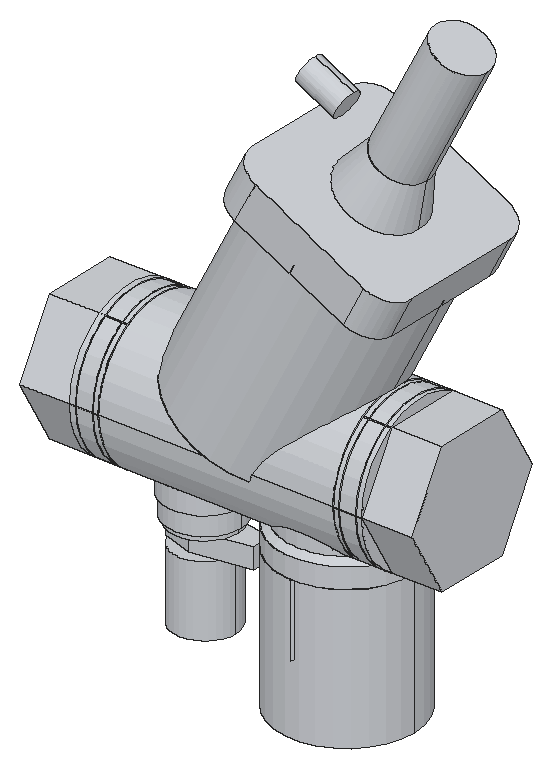
Revit family "PV_Compact_DN040_ 20-80_FF_měř-vyp_RFA_2018", category Pipe Accessories, Revit 2018
Family settings
  Round Connector Dimension = Use Diameter
  Part Type = Valve - Breaks Into
  Work Plane-Based = No
  Always vertical = Yes
  Cut with Voids When Loaded = No
  Shared = No
Parameters (values of type "PV Compact DN40 FF s měřením a vypouštěním (20-80kPa)")
  magiProductId = "edae53f0ee9843aa9c005a0dbc2db4"
  magiProductFamilyId = "88c57951ecb64b5d83dd1d4eb8fc72"
  magiPartTypeId = 304
  isMeasuringValve [instance] = no
  ang2D [instance] = 0.00°
  Z7 = 15 mm
  Z6 = 46.8 mm
  Z5 = 109.2 mm
  Z4 = 93.6 mm
  Z3 = 15.6 mm
  Z2 = 78 mm
  XR3 = 42.5 mm
  XR2 = 37.5 mm
  XR1 = 25.5 mm
  W2D = 15 mm
  VersionID = "2.0/2018.12.13.2/FRESE_PV_COMPACT_PLUG_Q13_001"
  Use Minimum Symbol Size [instance] = no
  URL = "www.hydronic.cz"
  Type Comments = "závitový s vnitřním závitem; s měřicí vsuvkou a vypouštěním; PN25; dpmax=450kPa; -10~+120°C"
  R5 = 5 mm
  R4 = 15 mm
  R3 = 10 mm
  R2 = 26.5 mm
  R1 = 31.5 mm
  QmdConnectorList = "301;D;302;D"
  Productdata [instance] = ""
  PH__ve = -PH  # -25.2 mm
  PH = 25.2 mm
  NL__ve = -NL  # -27.6 mm
  NL = 27.6 mm
  Manufacturer = "Hydronic Systems Prague s.r.o."
  MC Use Limits From Balancing Method = no
  MC Throttling Minimum Value = 0
  MC Throttling Maximum Value = 0
  MC Product Code = "53-3249 DN40; FF; nastavitelný rozsah dp=20~80kPa; Q=3000~8000l/h;  kvs=15,8"
  MC Pressure Drop Minimum Value = 0.0 Pa
  MC Pressure Drop Maximum Value = 0.0 Pa
  MC Piping Given Pressure Drop [instance] = 0.0 Pa
  M5 = 51.4 mm
  M4 = 49.4 mm
  M3 = 43.4 mm
  M2 = 41.4 mm
  LP = 69 mm
  LM = 82.8 mm
  LL__ve = -LL  # -7.1 mm
  LLT__ve = -LLT  # -24.7 mm
  LLT = 24.7 mm
  LL2 = 46 mm
  LL = 7.1 mm
  L3 = 25 mm
  L2D_Min = 30.48 mm
  L2D = 65 mm
  Description = "Nastavitelný regulátor tlakové diference"
  DR1 = yes
  DR0 = no
  DL2 = 80 mm
  D = 40 mm
  CenSd_R2_6 = R2 * cos(30.00°)  # 22.95 mm
  CAT0 = yes
  C0D1 = yes
  C0D0 = no
Types (10, lengths in mm): name | magiProductId | Z6 | Z5 | Z4 | Z3 | Z2 | XR3 | XR2 | XR1 | R2 | R1 | PH__ve | PH | NL__ve | NL | MC Product Code | M5 | M4 | M3 | M2 | LP | LM | LL__ve | LLT__ve | LLT | LL2 | LL | L3 | DL2 | D | CenSd_R2_6
  PV Compact DN15 FF s měřením a vypouštěním (20-60kPa) | "ebd4dd38c61a47e78db1b31e427098" | 24.6 | 57.4 | 49.2 | 8.2 | 41 | 30 | 25 | 13 | 14 | 19 | -22.4 | 22.4 | -15 | 15 | "53-3243 DN15; FF; nastavitelný rozsah dp=20~60kPa; Q=100~1000l/h;  kvs=2,9" | 32.5 | 30.5 | 24.5 | 22.5 | 37.5 | 45 | -5.7 | -14.9 | 14.9 | 32 | 5.7 | 11 | 66 | 15 | 12.124
  PV Compact DN15 FF s měřením a vypouštěním ( 5-30kPa) | "1e13aaf8f1b54965adca1ab26bd771" | 24.6 | 57.4 | 49.2 | 8.2 | 41 | 30 | 25 | 13 | 14 | 19 | -22.4 | 22.4 | -15 | 15 | "53-3242 DN15; FF; nastavitelný rozsah dp=5~30kPa; Q=50~600l/h;  kvs=2,9" | 32.5 | 30.5 | 24.5 | 22.5 | 37.5 | 45 | -5.7 | -14.9 | 14.9 | 32 | 5.7 | 11 | 66 | 15 | 12.124
  PV Compact DN20 FF s měřením a vypouštěním (20-60kPa) | "6d4e29c475624129ae1d8630218e83" | 24.6 | 57.4 | 49.2 | 8.2 | 41 | 30 | 25 | 13 | 14 | 19 | -22.4 | 22.4 | -15.8 | 15.8 | "53-3245 DN20; FF; nastavitelný rozsah dp=20~60kPa; Q=150~2000l/h;  kvs=3,5" | 33.7 | 31.7 | 25.7 | 23.7 | 39.5 | 47.4 | -5.7 | -14.9 | 14.9 | 32 | 5.7 | 11 | 66 | 20 | 12.124
  PV Compact DN20 FF s měřením a vypouštěním ( 5-30kPa) | "3c7d936801344d2a9486b3d5f20c15" | 24.6 | 57.4 | 49.2 | 8.2 | 41 | 30 | 25 | 13 | 14 | 19 | -22.4 | 22.4 | -15.8 | 15.8 | "53-3244 DN20; FF; nastavitelný rozsah dp=5~30kPa; Q=100~1000l/h;  kvs=3,5" | 33.7 | 31.7 | 25.7 | 23.7 | 39.5 | 47.4 | -5.7 | -14.9 | 14.9 | 32 | 5.7 | 11 | 66 | 20 | 12.124
  PV Compact DN25 FF s měřením a vypouštěním ( 5-30kPa) | "40b783a088714ff8af367f7ba18a04" | 25.5 | 59.5 | 51 | 8.5 | 42.5 | 30 | 25 | 13 | 14 | 19 | -22.8 | 22.8 | -16.6 | 16.6 | "53-3251 DN25; FF; nastavitelný rozsah dp=5~30kPa; Q=600~2100l/h;  kvs=4,0" | 34.9 | 32.9 | 26.9 | 24.9 | 41.5 | 49.8 | -5.9 | -16.3 | 16.3 | 34 | 5.9 | 11 | 68 | 25 | 12.124
  PV Compact DN25L FF s měřením a vypouštěním (20-80kPa) | "7052257d0cc94620b8f60c4ac85ccd" | 40.2 | 93.8 | 80.4 | 13.4 | 67 | 42.5 | 37.5 | 25.5 | 26.5 | 31.5 | -23.6 | 23.6 | -20 | 20 | "53-3247 DN25; FF; nastavitelný rozsah dp=20~80kPa; Q=750~4200l/h;  kvs=8,7" | 40 | 38 | 32 | 30 | 50 | 60 | -6.3 | -19.1 | 19.1 | 38 | 6.3 | 11 | 72 | 25 | 22.95
  PV Compact DN25L FF s měřením a vypouštěním ( 5-30kPa) | "006ff7ff77e34fd39e52f3f4c37192" | 40.2 | 93.8 | 80.4 | 13.4 | 67 | 42.5 | 37.5 | 25.5 | 26.5 | 31.5 | -23.6 | 23.6 | -20 | 20 | "53-3246 DN25L; FF; nastavitelný rozsah dp=5~30kPa; Q=600~2500l/h;  kvs=8,7" | 40 | 38 | 32 | 30 | 50 | 60 | -6.3 | -19.1 | 19.1 | 38 | 6.3 | 11 | 72 | 25 | 22.95
  PV Compact DN32 FF s měřením a vypouštěním (20-80kPa) | "e53839f5e58040c69ad69dcf8b7122" | 40.2 | 93.8 | 80.4 | 13.4 | 67 | 42.5 | 37.5 | 25.5 | 26.5 | 31.5 | -24.6 | 24.6 | -20.8 | 20.8 | "53-3248 DN32; FF; nastavitelný rozsah dp=20~80kPa; Q=1000~5000l/h;  kvs=10,1" | 41.2 | 39.2 | 33.2 | 31.2 | 52 | 62.4 | -6.8 | -22.6 | 22.6 | 43 | 6.8 | 25 | 77 | 32 | 22.95
  PV Compact DN40 FF s měřením a vypouštěním (20-80kPa) | "edae53f0ee9843aa9c005a0dbc2db4" | 46.8 | 109.2 | 93.6 | 15.6 | 78 | 42.5 | 37.5 | 25.5 | 26.5 | 31.5 | -25.2 | 25.2 | -27.6 | 27.6 | "53-3249 DN40; FF; nastavitelný rozsah dp=20~80kPa; Q=3000~8000l/h;  kvs=15,8" | 51.4 | 49.4 | 43.4 | 41.4 | 69 | 82.8 | -7.1 | -24.7 | 24.7 | 46 | 7.1 | 25 | 80 | 40 | 22.95
  PV Compact DN50 FF s měřením a vypouštěním (20-80kPa) | "7572286e99104aaeaae4a504f9a6dd" | 46.8 | 109.2 | 93.6 | 15.6 | 78 | 42.5 | 37.5 | 25.5 | 35.25 | 31.5 | -26.4 | 26.4 | -27.6 | 27.6 | "53-3250 DN50; FF; nastavitelný rozsah dp=20~80kPa; Q=5000~11500l/h;  kvs=16,2" | 51.4 | 49.4 | 43.4 | 41.4 | 69 | 82.8 | -7.7 | -28.9 | 28.9 | 52 | 7.7 | 25 | 86 | 50 | 30.527
Reference planes
  plane 1 "Center (Front/Back)": y = 0
  plane 2 "XYPLANE": z = 0
  plane 3 "Center (Left/Right)": x = 0
  plane 4 "408": x = 69
  plane 5 "407": x = -69
  plane 6 "402": z = -80
  plane 7 "213": x = 25
  plane 8 "168": z = -20.7
  plane 9 "167": z = -22.7
  plane 10 "166": z = -29.8
  plane 11 "165": z = -36.9
  plane 12 "164": z = -38.9
  plane 13 "154": z = 0
  plane 14 "152": y = 0
  plane 15 "151": z = -46
  plane 16 "150": x = -25
  plane 17 "75": through (307.08, 0, 685.28) normal (0.891, 0, -0.454)
  plane 18 "74": x = 51.4
  plane 19 "73": x = 49.4
  plane 20 "72": x = 43.4
  plane 21 "71": x = 41.4
  plane 22 "70": x = -51.4
  plane 23 "69": x = -49.4
  plane 24 "68": x = -43.4
  plane 25 "67": y = 0
  plane 26 "66": through (-666.893, 0, 343.166) normal (0.454, 0, 0.891)
  plane 27 "65": x = -41.4
  plane 28 "64": through (335.147, 0, 670.979) normal (0.891, 0, -0.454)
  plane 29 "63": through (-632.844, 0, 409.991) normal (0.454, 0, 0.891)
  plane 30 "62": through (363.214, 0, 656.678) normal (0.891, 0, -0.454)
  plane 31 "61": y = 31.5
  plane 32 "60": y = -31.5
  plane 33 "59": through (-625.761, 0, 423.891) normal (0.454, 0, 0.891)
  plane 34 "58": through (-618.679, 0, 437.791) normal (0.454, 0, 0.891)
  plane 35 "57": through (302.625, 0, 687.549) normal (0.891, 0, -0.454)
  plane 36 "56": x = 0
  plane 37 "55": through (-668.255, 0, 340.493) normal (0.454, 0, 0.891)
  plane 38 "102XY": through (-668.255, 0, 340.493) normal (0.454, 0, 0.891)
  plane 39 "102XZ": y = 0
  plane 40 "102YZ": through (340.493, 0, 668.255) normal (0.891, 0, -0.454)
Forms (mm)
  Extrusion 1, solid
    sketch origin (69, -750, 0) x (0, 1, 0) y (0, 0, 1)
      loop
        line (776.5, 0) -> (763.25, 22.95) -> (736.75, 22.95) -> (723.5, 0) -> (736.75, -22.95) -> (763.25, -22.95) -> (776.5, 0)
    from 0 to -27.6 <- "NL__ve"
  Extrusion 2, solid
    sketch origin (-69, -750, 0) x (0, 1, 0) y (0, 0, 1)
      loop
        line (723.5, 0) -> (736.75, -22.95) -> (763.25, -22.95) -> (776.5, 0) -> (763.25, 22.95) -> (736.75, 22.95) -> (723.5, 0)
    from 0 to 27.6 <- "NL"
  Extrusion 3, solid, visible <- "C0D1"
    sketch origin (-750, 0, -80) x (1, 0, 0) y (0, 1, 0)
      loop
        circle (775, 0) r 24
    from 0 to 50
  Extrusion 4, solid, visible <- "DR1"
    sketch origin (-750, 0, -29.8) x (1, 0, 0) y (0, 1, 0)
      loop
        line (775, -24.5) -> (790.292, -6) -> (790.292, 6) -> (775, 24.5) -> (750.608, 6) -> (750.608, -6) -> (775, -24.5)
    from 0 to -25.2 <- "PH__ve"
  Extrusion 5, solid, visible <- "DR1"
    sketch origin (-750, 0, -29.8) x (1, 0, 0) y (0, 1, 0)
      loop
        circle (775, 0) r 24
    from 0 to 7.1 <- "LL"
  Blend 6, solid, visible <- "DR1"
    base sketch origin (-750, 0, -20.7) x (1, 0, 0) y (0, 1, 0)
      loop
        circle (775, 0) r 21.5
    top sketch origin (-750, 0, -20.7) x (1, 0, 0) y (0, 1, 0)
      loop
        circle (775, 0) r 24
    from 0 to -2
  Extrusion 7, solid, visible <- "DR1"
    sketch origin (-750, 0, 0) x (1, 0, 0) y (0, 1, 0)
      loop
        circle (775, 0) r 21.5
    from 0 to -24.7 <- "LLT__ve"
  Extrusion 8, solid, visible <- "C0D0"
    sketch origin (-750, 0, -46) x (1, 0, 0) y (0, 1, 0)
      loop
        circle (775, 0) r 20
    from 0 to -25
  Extrusion 9, solid, visible <- "DR0"
    sketch origin (-750, 0, -38.9) x (1, 0, 0) y (0, 1, 0)
      loop
        line (775, -7) -> (785.962, -3.5) -> (785.962, 3.5) -> (775, 7) -> (754.938, 3.5) -> (754.938, -3.5) -> (775, -7)
    from 0 to -7.1 <- "LL__ve"
  Extrusion 10, solid, visible <- "DR0"
    sketch origin (-750, 0, -38.9) x (1, 0, 0) y (0, 1, 0)
      loop
        circle (775, 0) r 21
    from 0 to 2
  Extrusion 11, solid, visible <- "DR0"
    sketch origin (-750, 0, -29.8) x (1, 0, 0) y (0, 1, 0)
      loop
        circle (775, 0) r 23
    from 0 to 7.1 <- "LL"
  Blend 12, solid, visible <- "DR0"
    base sketch origin (-750, 0, -20.7) x (1, 0, 0) y (0, 1, 0)
      loop
        circle (775, 0) r 20.5
    top sketch origin (-750, 0, -20.7) x (1, 0, 0) y (0, 1, 0)
      loop
        circle (775, 0) r 23
    from 0 to -2
  Extrusion 13, solid, visible <- "DR0"
    sketch origin (-750, 0, 0) x (1, 0, 0) y (0, 1, 0)
      loop
        circle (775, 0) r 20.5
    from 0 to -24.7 <- "LLT__ve"
  Extrusion 14, solid, visible <- "DR0"
    sketch origin (-750, 0, 0) x (1, 0, 0) y (0, 1, 0)
      loop
        circle (775, 0) r 20.5
    from 0 to -24.7 <- "LLT__ve"
  Blend 15, solid, visible <- "DR0"
    base sketch origin (-750, 0, -20.7) x (1, 0, 0) y (0, 1, 0)
      loop
        circle (775, 0) r 20.5
    top sketch origin (-750, 0, -20.7) x (1, 0, 0) y (0, 1, 0)
      loop
        circle (775, 0) r 23
    from 0 to -2
  Extrusion 16, solid, visible <- "DR0"
    sketch origin (-750, 0, -29.8) x (1, 0, 0) y (0, 1, 0)
      loop
        circle (775, 0) r 23
    from 0 to 7.1 <- "LL"
  Extrusion 17, solid, visible <- "DR0"
    sketch origin (-750, 0, -36.9) x (1, 0, 0) y (0, 1, 0)
      loop
        circle (775, 0) r 22
    from 0 to 7.1 <- "LL"
  Extrusion 18, solid, visible <- "DR0"
    sketch origin (-750, 0, -38.9) x (1, 0, 0) y (0, 1, 0)
      loop
        circle (775, 0) r 21
    from 0 to 2
  Extrusion 19, solid, visible <- "DR0"
    sketch origin (-750, 0, -38.9) x (1, 0, 0) y (0, 1, 0)
      loop
        line (775, -7) -> (785.962, -3.5) -> (785.962, 3.5) -> (775, 7) -> (754.938, 3.5) -> (754.938, -3.5) -> (775, -7)
    from 0 to -7.1 <- "LL__ve"
  Extrusion 20, solid, visible <- "C0D0"
    sketch origin (-750, 0, -46) x (1, 0, 0) y (0, 1, 0)
      loop
        circle (775, 0) r 20
    from 0 to -25
  Extrusion 21, solid, visible <- "CAT0"
    sketch origin (-750, 0, -46) x (1, 0, 0) y (0, 1, 0)
      loop
        circle (725, 0) r 10.9
    from 0 to -25
  Extrusion 22, solid
    sketch origin (-750, 0, -38.9) x (1, 0, 0) y (0, 1, 0)
      loop
        line (725, -7) -> (745.062, -3.5) -> (745.062, 3.5) -> (725, 7) -> (714.038, 3.5) -> (714.038, -3.5) -> (725, -7)
    from 0 to -7.1 <- "LL__ve"
  Extrusion 23, solid
    sketch origin (-750, 0, -38.9) x (1, 0, 0) y (0, 1, 0)
      loop
        circle (725, 0) r 11.9
    from 0 to 2
  Extrusion 24, solid
    sketch origin (-750, 0, -36.9) x (1, 0, 0) y (0, 1, 0)
      loop
        circle (725, 0) r 12.9
    from 0 to 7.1 <- "LL"
  Extrusion 25, solid
    sketch origin (-750, 0, -29.8) x (1, 0, 0) y (0, 1, 0)
      loop
        circle (725, 0) r 13.9
    from 0 to 7.1 <- "LL"
  Blend 26, solid
    base sketch origin (-750, 0, -20.7) x (1, 0, 0) y (0, 1, 0)
      loop
        circle (725, 0) r 11.4
    top sketch origin (-750, 0, -20.7) x (1, 0, 0) y (0, 1, 0)
      loop
        circle (725, 0) r 13.9
    from 0 to -2
  Extrusion 27, solid
    sketch origin (-750, 0, 0) x (1, 0, 0) y (0, 1, 0)
      loop
        circle (725, 0) r 11.4
    from 0 to -24.7 <- "LLT__ve"
  Blend 28, solid, visible <- "CAT0"
    base sketch origin (49.4, -750, 0) x (0, 1, 0) y (0, 0, 1)
      loop
        circle (750, 0) r 26.5
    top sketch origin (49.4, -750, 0) x (0, 1, 0) y (0, 0, 1)
      loop
        circle (750, 0) r 26.5
    from 0 to 2
  Extrusion 29, solid, visible <- "CAT0"
    sketch origin (43.4, -750, 0) x (0, 1, 0) y (0, 0, 1)
      loop
        circle (750, 0) r 26.5
    from 0 to 6
  Blend 30, solid, visible <- "CAT0"
    base sketch origin (41.4, -750, 0) x (0, 1, 0) y (0, 0, 1)
      loop
        circle (750, 0) r 26.5
    top sketch origin (41.4, -750, 0) x (0, 1, 0) y (0, 0, 1)
      loop
        circle (750, 0) r 26.5
    from 0 to 2
  Blend 31, solid, visible <- "CAT0"
    base sketch origin (-49.4, -750, 0) x (0, 1, 0) y (0, 0, 1)
      loop
        circle (750, 0) r 26.5
    top sketch origin (-49.4, -750, 0) x (0, 1, 0) y (0, 0, 1)
      loop
        circle (750, 0) r 26.5
    from 0 to -2
  Extrusion 32, solid, visible <- "CAT0"
    sketch origin (-49.4, -750, 0) x (0, 1, 0) y (0, 0, 1)
      loop
        circle (750, 0) r 26.5
    from 0 to 6
  Blend 33, solid, visible <- "CAT0"
    base sketch origin (-43.4, -750, 0) x (0, 1, 0) y (0, 0, 1)
      loop
        circle (750, 0) r 26.5
    top sketch origin (-43.4, -750, 0) x (0, 1, 0) y (0, 0, 1)
      loop
        circle (750, 0) r 26.5
    from 0 to 2
  Extrusion 34, solid, visible <- "CAT0"
    sketch origin (-41.4, -750, 0) x (0, 1, 0) y (0, 0, 1)
      loop
        circle (750, 0) r 26.5
    from 0 to 82.8 <- "LM"
  Extrusion 35, solid, visible <- "CAT0"
    sketch origin (-666.893, 0, 343.166) x (0.891007, 0, -0.45399) y (0, 1, 0)
      loop
        circle (744, 0) r 31.5
    from 0 to 78 <- "Z2"
  Extrusion 36, solid, visible <- "CAT0"
    sketch origin (-632.844, 0, 409.991) x (0.891007, 0, -0.45399) y (0, 1, 0)
      loop
        arc (722.5, 31.5) -> (715.429, 28.571) -> (712.5, 21.5) r 10
        line (712.5, 21.5) -> (712.5, -21.5)
        arc (712.5, -21.5) -> (715.429, -28.571) -> (722.5, -31.5) r 10
        line (722.5, -31.5) -> (765.5, -31.5)
        arc (765.5, -31.5) -> (772.571, -28.571) -> (775.5, -21.5) r 10
        line (775.5, -21.5) -> (775.5, 21.5)
        arc (775.5, 21.5) -> (772.571, 28.571) -> (765.5, 31.5) r 10
        line (765.5, 31.5) -> (722.5, 31.5)
    from 0 to 15.6 <- "Z3"
  Blend 37, solid, visible <- "CAT0"
    base sketch origin (-625.761, 0, 423.891) x (0.891007, 0, -0.45399) y (0, 1, 0)
      loop
        circle (744, 0) r 15
    top sketch origin (-625.761, 0, 423.891) x (0.891007, 0, -0.45399) y (0, 1, 0)
      loop
        circle (744, 0) r 10
    from 0 to 15.6
  Extrusion 38, solid, visible <- "CAT0"
    sketch origin (-618.679, 0, 437.791) x (0.891007, 0, -0.45399) y (0, 1, 0)
      loop
        circle (744, 0) r 10
    from 0 to 46.8 <- "Z6"
  Extrusion 39, solid, visible <- "CAT0"
    sketch origin (302.625, 0, 687.549) x (-0.45399, 0, -0.891007) y (0, 1, 0)
      loop
        circle (640.8, 0) r 5
    from 0 to 15 <- "Z7"
  Blend 40, solid, visible <- "CAT0"
    base sketch origin (-668.255, 0, 340.493) x (0.891007, 0, -0.45399) y (0, 1, 0)
      loop
        circle (744, 0) r 27.5
    top sketch origin (-668.255, 0, 340.493) x (0.891007, 0, -0.45399) y (0, 1, 0)
      loop
        circle (744, 0) r 31.5
    from 0 to 3
  Extrusion 41, solid, not visible
    sketch origin (-51.4, -750, 0) x (0, 1, 0) y (0, 0, 1)
      loop
        circle (750, 0) r 22.5
    from 0 to 10
  Extrusion 42, solid, not visible
    sketch origin (51.4, -750, 0) x (0, 1, 0) y (0, 0, 1)
      loop
        circle (750, 0) r 22.5
    from 0 to -10
Lines and regions (mm)
  reference lines, not visible
    curve 1: circle (2, 2, 0) r 1 normal (0, 0, 1)
  reference lines
    curve 2: line (69, 0, 0) -> (69, -3.5, 6.062)
    curve 3: line (69, 0, 0) -> (69, -7, 0)
    curve 4: line (69, 0, 0) -> (69, -3.5, -6.062)
    curve 5: line (-69, 0, 0) -> (-69, 3.5, 6.062)
    curve 6: line (-69, 0, 0) -> (-69, 7, 0)
    curve 7: line (-69, 0, 0) -> (-69, 3.5, -6.062)
Dimensions and locks
  plane 1 "Center (Front/Back)" to curve 1 = 2 mm
  "LP": plane 36 "56" to plane 4 "408"
  "LP": plane 36 "56" to plane 5 "407"
  "DL2": plane 2 "XYPLANE" to plane 6 "402"
  "L3": plane 3 "Center (Left/Right)" to plane 7 "213"
  locked: plane 9 "167" to plane 8 "168" at 2
  "LL": plane 10 "166" to plane 9 "167"
  "LL": plane 11 "165" to plane 10 "166"
  locked: plane 12 "164" to plane 11 "165" at 2
  "LL": plane 15 "151" to plane 12 "164"
  locked: plane 2 "XYPLANE" to plane 13 "154"
  locked: plane 1 "Center (Front/Back)" to plane 14 "152"
  "LL2": plane 2 "XYPLANE" to plane 15 "151"
  "L3": plane 3 "Center (Left/Right)" to plane 16 "150"
  "XR2": plane 40 "102YZ" to plane 17 "75"
  "M5": plane 3 "Center (Left/Right)" to plane 18 "74"
  "M4": plane 3 "Center (Left/Right)" to plane 19 "73"
  "M3": plane 3 "Center (Left/Right)" to plane 20 "72"
  "M2": plane 3 "Center (Left/Right)" to plane 21 "71"
  "M5": plane 3 "Center (Left/Right)" to plane 22 "70"
  "M4": plane 3 "Center (Left/Right)" to plane 23 "69"
  "M3": plane 3 "Center (Left/Right)" to plane 24 "68"
  locked: plane 14 "152" to plane 25 "67"
  locked: plane 38 "102XY" to plane 26 "66" at 3
  "M2": plane 3 "Center (Left/Right)" to plane 27 "65"
  locked: plane 40 "102YZ" to plane 28 "64" at 6
  "Z2": plane 38 "102XY" to plane 29 "63"
  "XR1": plane 40 "102YZ" to plane 30 "62"
  "R1": plane 14 "152" to plane 31 "61"
  "R1": plane 14 "152" to plane 32 "60"
  "Z4": plane 38 "102XY" to plane 33 "59"
  "Z5": plane 38 "102XY" to plane 34 "58"
  "XR3": plane 40 "102YZ" to plane 35 "57"
  locked: plane 3 "Center (Left/Right)" to plane 36 "56"
  locked: plane 38 "102XY" to plane 37 "55"
  "CenSd_R2_6": curve 2 to Extrusion 1 sketch curve  (x2)
  "CenSd_R2_6": curve 3 to Extrusion 1 sketch curve  (x2)
  "CenSd_R2_6": curve 4 to Extrusion 1 sketch curve  (x2)
  Extrusion 1 sketch curve to Extrusion 1 sketch curve = 0 mm  (x12)
  "CenSd_R2_6": curve 5 to Extrusion 2 sketch curve  (x2)
  "CenSd_R2_6": curve 6 to Extrusion 2 sketch curve  (x2)
  "CenSd_R2_6": curve 7 to Extrusion 2 sketch curve  (x2)
  Extrusion 2 sketch curve to Extrusion 2 sketch curve = 0 mm  (x12)
  Extrusion 4 sketch curve to Extrusion 4 sketch curve = 0 mm  (x12)
  Extrusion 9 sketch curve to Extrusion 9 sketch curve = 0 mm  (x12)
  Extrusion 19 sketch curve to Extrusion 19 sketch curve = 0 mm  (x12)
  Extrusion 22 sketch curve to Extrusion 22 sketch curve = 0 mm  (x12)
  Extrusion 36 sketch curve to Extrusion 36 sketch curve = 0 mm  (x16)
  "R2": radius of Blend 28 sketch curve  (x2)
  "R2": radius of Extrusion 29 sketch curve
  "R2": radius of Blend 30 sketch curve  (x2)
  "R2": radius of Blend 31 sketch curve  (x2)
  "R2": radius of Extrusion 32 sketch curve
  "R2": radius of Blend 33 sketch curve  (x2)
  "R2": radius of Extrusion 34 sketch curve
  "R1": radius of Extrusion 35 sketch curve
  radius of Extrusion 36 sketch curve = 10 mm  (x4)
  "R3": radius of Blend 37 sketch curve
  "R4": radius of Blend 37 sketch curve
  "R3": radius of Extrusion 38 sketch curve
  "R5": radius of Extrusion 39 sketch curve
  "R1": radius of Blend 40 sketch curve
  locked: curve 3 to curve 2 (angle 60.00°)
  locked: curve 4 to curve 3 (angle 60.00°)
  locked: curve 4 to curve 2 (angle 120.00°)
  locked: curve 6 to curve 5 (angle 60.00°)
  locked: curve 7 to curve 6 (angle 60.00°)
  locked: curve 7 to curve 5 (angle 120.00°)
  aligned and locked: level to plane 2 "XYPLANE"
  aligned and locked: plane 13 "154" to curve 4
  aligned and locked: curve 4 to plane 14 "152"
  aligned and locked: plane 13 "154" to curve 7
  aligned and locked: curve 7 to plane 14 "152"
  aligned and locked: plane 7 "213" to Extrusion 3 sketch curve
  aligned and locked: plane 14 "152" to Extrusion 3 sketch curve
  aligned and locked: plane 7 "213" to Extrusion 5 sketch curve
  aligned and locked: plane 14 "152" to Extrusion 5 sketch curve
  aligned and locked: plane 7 "213" to Blend 6 sketch curve  (x2)
  aligned and locked: plane 14 "152" to Blend 6 sketch curve  (x2)
  aligned and locked: Blend 6 to plane 9 "167"
  aligned and locked: plane 7 "213" to Extrusion 7 sketch curve
  aligned and locked: plane 14 "152" to Extrusion 7 sketch curve
  aligned and locked: plane 7 "213" to Extrusion 8 sketch curve
  aligned and locked: plane 14 "152" to Extrusion 8 sketch curve
  aligned and locked: plane 7 "213" to Extrusion 10 sketch curve
  aligned and locked: plane 14 "152" to Extrusion 10 sketch curve
  aligned and locked: plane 7 "213" to Extrusion 11 sketch curve
  aligned and locked: plane 14 "152" to Extrusion 11 sketch curve
  aligned and locked: plane 7 "213" to Blend 12 sketch curve  (x2)
  aligned and locked: plane 14 "152" to Blend 12 sketch curve  (x2)
  aligned and locked: Blend 12 to plane 9 "167"
  aligned and locked: plane 7 "213" to Extrusion 13 sketch curve
  aligned and locked: plane 14 "152" to Extrusion 13 sketch curve
  aligned and locked: plane 7 "213" to Extrusion 14 sketch curve
  aligned and locked: plane 14 "152" to Extrusion 14 sketch curve
  aligned and locked: plane 7 "213" to Blend 15 sketch curve  (x2)
  aligned and locked: plane 14 "152" to Blend 15 sketch curve  (x2)
  aligned and locked: Blend 15 to plane 9 "167"
  aligned and locked: plane 7 "213" to Extrusion 16 sketch curve
  aligned and locked: plane 14 "152" to Extrusion 16 sketch curve
  aligned and locked: plane 7 "213" to Extrusion 17 sketch curve
  aligned and locked: plane 14 "152" to Extrusion 17 sketch curve
  aligned and locked: plane 7 "213" to Extrusion 18 sketch curve
  aligned and locked: plane 14 "152" to Extrusion 18 sketch curve
  aligned and locked: plane 7 "213" to Extrusion 20 sketch curve
  aligned and locked: plane 14 "152" to Extrusion 20 sketch curve
  aligned and locked: plane 14 "152" to Extrusion 21 sketch curve
  aligned and locked: plane 16 "150" to Extrusion 21 sketch curve
  aligned and locked: plane 14 "152" to Extrusion 23 sketch curve
  aligned and locked: plane 16 "150" to Extrusion 23 sketch curve
  aligned and locked: plane 14 "152" to Extrusion 24 sketch curve
  aligned and locked: plane 16 "150" to Extrusion 24 sketch curve
  aligned and locked: plane 14 "152" to Extrusion 25 sketch curve
  aligned and locked: plane 16 "150" to Extrusion 25 sketch curve
  aligned and locked: plane 14 "152" to Blend 26 sketch curve  (x2)
  aligned and locked: plane 16 "150" to Blend 26 sketch curve  (x2)
  aligned and locked: Blend 26 to plane 9 "167"
  aligned and locked: plane 14 "152" to Extrusion 27 sketch curve
  aligned and locked: plane 16 "150" to Extrusion 27 sketch curve
  aligned and locked: plane 13 "154" to Blend 28 sketch curve  (x2)
  aligned and locked: Blend 28 sketch curve to plane 14 "152"  (x2)
  aligned and locked: plane 18 "74" to Blend 28
  aligned and locked: plane 13 "154" to Extrusion 29 sketch curve
  aligned and locked: Extrusion 29 sketch curve to plane 14 "152"
  aligned and locked: plane 13 "154" to Blend 30 sketch curve  (x2)
  aligned and locked: Blend 30 sketch curve to plane 14 "152"  (x2)
  aligned and locked: plane 20 "72" to Blend 30
  aligned and locked: plane 13 "154" to Blend 31 sketch curve  (x2)
  aligned and locked: Blend 31 sketch curve to plane 14 "152"  (x2)
  aligned and locked: Blend 31 to plane 22 "70"
  aligned and locked: plane 13 "154" to Extrusion 32 sketch curve
  aligned and locked: Extrusion 32 sketch curve to plane 14 "152"
  aligned and locked: plane 13 "154" to Blend 33 sketch curve  (x2)
  aligned and locked: Blend 33 sketch curve to plane 14 "152"  (x2)
  aligned and locked: plane 27 "65" to Blend 33
  aligned and locked: plane 13 "154" to Extrusion 34 sketch curve
  aligned and locked: Extrusion 34 sketch curve to plane 14 "152"
  aligned and locked: plane 25 "67" to Extrusion 35 sketch curve
  aligned and locked: Extrusion 35 sketch curve to plane 28 "64"
  aligned and locked: Extrusion 36 sketch curve to plane 17 "75"
  aligned and locked: Extrusion 36 sketch curve to plane 32 "60"
  aligned and locked: Extrusion 36 sketch curve to plane 30 "62"
  aligned and locked: plane 31 "61" to Extrusion 36 sketch curve
  aligned and locked: plane 25 "67" to Blend 37 sketch curve  (x2)
  aligned and locked: Blend 37 sketch curve to plane 28 "64"  (x2)
  aligned and locked: plane 34 "58" to Blend 37
  aligned and locked: plane 25 "67" to Extrusion 38 sketch curve
  aligned and locked: Extrusion 38 sketch curve to plane 28 "64"
  aligned and locked: plane 25 "67" to Extrusion 39 sketch curve
  aligned and locked: plane 34 "58" to Extrusion 39 sketch curve
  aligned and locked: plane 25 "67" to Blend 40 sketch curve  (x2)
  aligned and locked: Blend 40 sketch curve to plane 28 "64"  (x2)
  aligned and locked: plane 26 "66" to Blend 40
  aligned and locked: plane 13 "154" to Extrusion 41 sketch curve
  aligned and locked: Extrusion 41 sketch curve to plane 14 "152"
  aligned and locked: plane 13 "154" to Extrusion 42 sketch curve
  aligned and locked: Extrusion 42 sketch curve to plane 14 "152"
Automatic sketch dimensions
  plane 3 "Center (Left/Right)" to Extrusion 3 sketch curve = 1 mm
  Extrusion 4 sketch curve to plane 7 "213" = 0 mm  (x2)
  plane 3 "Center (Left/Right)" to Extrusion 4 sketch curve = 0.608 mm
  Extrusion 4 sketch curve to plane 21 "71" = 1.108 mm
  plane 32 "60" to Extrusion 4 sketch curve = 7 mm
  plane 1 "Center (Front/Back)" to Extrusion 4 sketch curve = 6 mm  (x2)
  Extrusion 4 sketch curve to plane 1 "Center (Front/Back)" = 6 mm  (x2)
  Extrusion 4 sketch curve to plane 31 "61" = 7 mm
  plane 3 "Center (Left/Right)" to Extrusion 5 sketch curve = 1 mm
  plane 3 "Center (Left/Right)" to Blend 6 sketch curve = 3.5 mm
  plane 3 "Center (Left/Right)" to Blend 6 sketch curve = 1 mm
  plane 3 "Center (Left/Right)" to Extrusion 7 sketch curve = 3.5 mm
  plane 3 "Center (Left/Right)" to Extrusion 8 sketch curve = 5 mm
  Extrusion 9 sketch curve to plane 7 "213" = 0 mm  (x2)
  plane 3 "Center (Left/Right)" to Extrusion 9 sketch curve = 4.938 mm
  Extrusion 9 sketch curve to plane 21 "71" = 5.438 mm
  plane 1 "Center (Front/Back)" to Extrusion 9 sketch curve = 7 mm
  plane 1 "Center (Front/Back)" to Extrusion 9 sketch curve = 3.5 mm  (x2)
  Extrusion 9 sketch curve to plane 1 "Center (Front/Back)" = 3.5 mm  (x2)
  Extrusion 9 sketch curve to Extrusion 9 sketch curve = 3.5 mm
  plane 3 "Center (Left/Right)" to Extrusion 10 sketch curve = 4 mm
  plane 3 "Center (Left/Right)" to Extrusion 11 sketch curve = 2 mm
  plane 3 "Center (Left/Right)" to Blend 12 sketch curve = 4.5 mm
  plane 3 "Center (Left/Right)" to Blend 12 sketch curve = 2 mm
  plane 3 "Center (Left/Right)" to Extrusion 13 sketch curve = 4.5 mm
  plane 3 "Center (Left/Right)" to Extrusion 14 sketch curve = 4.5 mm
  plane 3 "Center (Left/Right)" to Blend 15 sketch curve = 4.5 mm
  plane 3 "Center (Left/Right)" to Blend 15 sketch curve = 2 mm
  plane 3 "Center (Left/Right)" to Extrusion 16 sketch curve = 2 mm
  plane 3 "Center (Left/Right)" to Extrusion 17 sketch curve = 3 mm
  plane 3 "Center (Left/Right)" to Extrusion 18 sketch curve = 4 mm
  Extrusion 19 sketch curve to plane 7 "213" = 0 mm  (x2)
  plane 3 "Center (Left/Right)" to Extrusion 19 sketch curve = 4.938 mm
  Extrusion 19 sketch curve to plane 21 "71" = 5.438 mm
  plane 1 "Center (Front/Back)" to Extrusion 19 sketch curve = 7 mm
  plane 1 "Center (Front/Back)" to Extrusion 19 sketch curve = 3.5 mm  (x2)
  Extrusion 19 sketch curve to plane 1 "Center (Front/Back)" = 3.5 mm  (x2)
  Extrusion 19 sketch curve to Extrusion 19 sketch curve = 3.5 mm
  plane 3 "Center (Left/Right)" to Extrusion 20 sketch curve = 5 mm
  plane 27 "65" to Extrusion 21 sketch curve = 5.5 mm
  Extrusion 22 sketch curve to plane 16 "150" = 0 mm  (x2)
  plane 27 "65" to Extrusion 22 sketch curve = 5.438 mm
  Extrusion 22 sketch curve to plane 3 "Center (Left/Right)" = 4.938 mm
  plane 1 "Center (Front/Back)" to Extrusion 22 sketch curve = 7 mm
  plane 1 "Center (Front/Back)" to Extrusion 22 sketch curve = 3.5 mm  (x2)
  Extrusion 22 sketch curve to plane 1 "Center (Front/Back)" = 3.5 mm  (x2)
  Extrusion 22 sketch curve to Extrusion 22 sketch curve = 3.5 mm
  plane 27 "65" to Extrusion 23 sketch curve = 4.5 mm
  plane 27 "65" to Extrusion 24 sketch curve = 3.5 mm
  plane 27 "65" to Extrusion 25 sketch curve = 2.5 mm
  plane 27 "65" to Blend 26 sketch curve = 5 mm
  plane 27 "65" to Blend 26 sketch curve = 2.5 mm
  plane 27 "65" to Extrusion 27 sketch curve = 5 mm
  plane 17 "75" to Blend 40 sketch curve = 4 mm
  plane 32 "60" to Extrusion 41 sketch curve = 9 mm
  plane 32 "60" to Extrusion 42 sketch curve = 9 mm
  plane 3 "Center (Left/Right)" to curve 1 = 2 mm
  radius of curve 1 = 1 mm
Connectors
  piping at (-51.4, 0, 0), diameter 40, driven by "D"
    settings: on Extrusion 41, index 1, connector inside diameter 609.6 mm, connector length 0 mm, flow factor 0, pipe flow 0.0 L/s, pressure drop 0.0 Pa, fitting loss kfactor 0, connector angle 0.00°, fixture units 0, engagement length 0 mm, angle of deflection 0.00°, flow configuration 0, flow direction 0, fitting loss method 0, system type 29, joint type 0, gender type 0, connector reference index 2, connector utility 0, adjustable connector no, is connector primary yes, connector description ""
  piping at (51.4, 0, 0), diameter 40, driven by "D"
    settings: on Extrusion 42, index 2, connector inside diameter 609.6 mm, connector length 0 mm, flow factor 0, pipe flow 0.0 L/s, pressure drop 0.0 Pa, fitting loss kfactor 0, connector angle 0.00°, fixture units 0, engagement length 0 mm, angle of deflection 0.00°, flow configuration 0, flow direction 0, fitting loss method 0, system type 29, joint type 0, gender type 0, connector reference index 1, connector utility 0, adjustable connector no, is connector primary no, connector description ""
